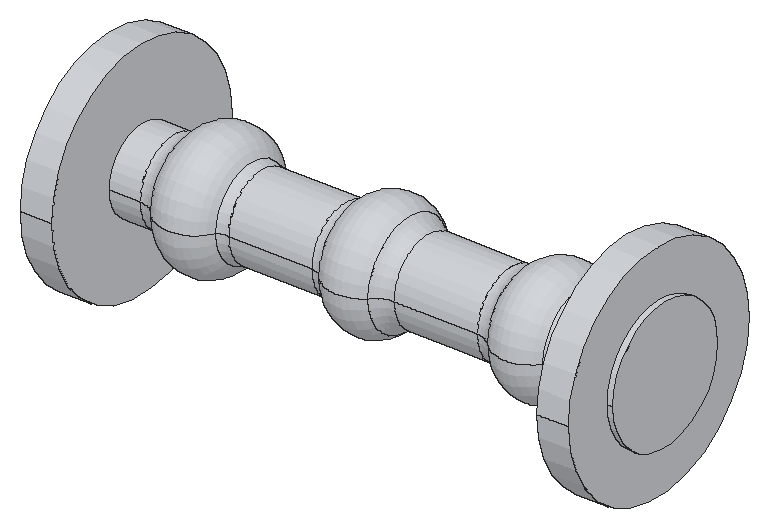
Revit family "ピュアジョイント 20A +25A", category Pipe Accessories, Revit 2024
Family settings
  Round Connector Dimension = Use Radius
  Part Type = Inline Sensor
  Work Plane-Based = No
  Always vertical = No
  Cut with Voids When Loaded = No
  Shared = No
Parameters
  DN/2 [instance] = DN / 2  # 10 mm
  DN [instance] = 20 mm
  Thickness [instance] = size_lookup("ピュアジョイント 20A +25A", "Thickness", 14 mm, DN)  # 14 mm
  L3 [instance] = size_lookup("ピュアジョイント 20A +25A", "L3", 14 mm, DN)  # 14 mm
  L1 [instance] = size_lookup("ピュアジョイント 20A +25A", "L1", 37 mm, DN)  # 37 mm
  L [instance] = size_lookup("ピュアジョイント 20A +25A", "L", 250 mm, DN)  # 250 mm
  Default Elevation = 0 mm
  DN5/2 [instance] = size_lookup("ピュアジョイント 20A +25A", "DN5/2", 31.1 mm, DN)  # 31.1 mm
  DN4/2 [instance] = size_lookup("ピュアジョイント 20A +25A", "DN4/2", 20.4 mm, DN)  # 20.4 mm
  DN3 [instance] = size_lookup("ピュアジョイント 20A +25A", "DN3", 37 mm, DN)  # 37 mm
  DN2 [instance] = size_lookup("ピュアジョイント 20A +25A", "DN2", 100 mm, DN)  # 100 mm
  DN1 [instance] = size_lookup("ピュアジョイント 20A +25A", "DN1", 58 mm, DN)  # 58 mm
Reference planes
  plane 1 "Center (Front/Back)": y = 0
  plane 2: z = 0
  plane 3 "Center (Left/Right)": x = -21.428
Forms (mm)
  Extrusion 1, solid
    sketch origin (-21.428, 0, 0) x (0, 1, 0) y (0, 0, 1)
      loop
        circle (0, 0) r 50
    from 108 to 122
  Extrusion 2, solid
    sketch origin (-21.428, 0, 0) x (0, 1, 0) y (0, 0, 1)
      loop
        circle (0, 0) r 50
    from -122 to -108
  Extrusion 3, solid
    sketch origin (-21.428, 0, 0) x (0, 1, 0) y (0, 0, 1)
      loop
        circle (0, 0) r 29
    from 122 to 125
  Extrusion 4, solid
    sketch origin (-21.428, 0, 0) x (0, 1, 0) y (0, 0, 1)
      loop
        circle (0, 0) r 29
    from -125 to -122
  Revolve 5, solid
    sketch origin (0, 0, 0) x (1, 0, 0) y (0, 1, 0)
      loop
        line (-115.448, 18.5) -> (-129.428, 18.5) -> (-129.428, 0) -> (86.613, 0) -> (86.613, 18.5) -> (72.634, 18.5)
        arc (72.634, 18.5) -> (68.956, 19.186) -> (65.774, 21.152) r 10.2
        arc (65.774, 21.152) -> (53.613, 27.01) -> (41.453, 21.152) r 15.55
        arc (41.453, 21.152) -> (38.27, 19.186) -> (34.593, 18.5) r 10.2
        line (34.593, 18.5) -> (-2.407, 18.5)
        arc (-2.407, 18.5) -> (-6.987, 19.586) -> (-10.591, 22.612) r 10.2
        arc (-10.591, 22.612) -> (-23.481, 26.874) -> (-34.806, 19.387) r 15.55
        arc (-34.806, 19.387) -> (-36.839, 18.724) -> (-38.966, 18.5) r 10.2
        line (-38.966, 18.5) -> (-75.966, 18.5)
        arc (-75.966, 18.5) -> (-78.502, 18.82) -> (-80.879, 19.761) r 10.2
        arc (-80.879, 19.761) -> (-93.86, 28.729) -> (-108, 21.731) r 15.55
        arc (-108, 21.731) -> (-111.389, 19.343) -> (-115.448, 18.5) r 10.2
      axis (-129.428, 0) -> (86.613, 0)
    angle from 0 to 360
Dimensions and locks
  "L": Extrusion 4 to Extrusion 3
  equal spacing: Extrusion 4, plane 3 "Center (Left/Right)", Extrusion 3
  locked: Extrusion 4 to Extrusion 2 at 3
  locked: Extrusion 1 to Extrusion 3 at 3
  "Thickness": Extrusion 2 to Extrusion 2
  "Thickness": Extrusion 1 to Extrusion 1
  Revolve 5 sketch curve to Revolve 5 sketch curve = 18.5 mm  (x4)
  Revolve 5 sketch curve to Revolve 5 sketch curve = 13.979 mm  (x2)
  "L1": Revolve 5 sketch curve to Revolve 5 sketch curve  (x2)
  "DN1": diameter of Extrusion 4 sketch curve
  "DN2": diameter of Extrusion 2 sketch curve
  "DN4/2": diameter of Revolve 5 sketch curve  (x6)
  "DN5/2": diameter of Revolve 5 sketch curve  (x3)
  aligned and locked: level to plane 2
  aligned and locked: Extrusion 4 to Extrusion 2
  aligned and locked: Extrusion 2 to Extrusion 4
  aligned and locked: Extrusion 3 to Extrusion 1
  aligned and locked: Extrusion 1 to Extrusion 3
Automatic sketch dimensions
  Extrusion 1 sketch curve to level = 0 mm
  Extrusion 1 sketch curve to plane 1 "Center (Front/Back)" = 0 mm
  Extrusion 3 sketch curve to level = 0 mm
  Extrusion 3 sketch curve to plane 1 "Center (Front/Back)" = 0 mm
  Extrusion 2 sketch curve to level = 0 mm
  Extrusion 2 sketch curve to plane 1 "Center (Front/Back)" = 0 mm
  Extrusion 4 sketch curve to level = 0 mm
  Extrusion 4 sketch curve to plane 1 "Center (Front/Back)" = 0 mm
  plane 1 "Center (Front/Back)" to Revolve 5 sketch curve = 0 mm  (x2)
  Revolve 5 sketch curve to plane 3 "Center (Left/Right)" = 108 mm
  Revolve 5 sketch curve to plane 1 "Center (Front/Back)" = 13.22 mm
  Revolve 5 sketch curve to Revolve 5 sketch curve = 20.462 mm
  Revolve 5 sketch curve to Revolve 5 sketch curve = 19.021 mm  (x3)
  Revolve 5 sketch curve to plane 3 "Center (Left/Right)" = 0 mm
  plane 3 "Center (Left/Right)" to Revolve 5 sketch curve = 19.02 mm
  Revolve 5 sketch curve to plane 1 "Center (Front/Back)" = 11.46 mm  (x2)
  Revolve 5 sketch curve to Revolve 5 sketch curve = 0 mm  (x2)
  radius of Extrusion 1 sketch curve = 50 mm
  radius of Extrusion 3 sketch curve = 29 mm
Connectors
  piping at (-146.428, 0, 0), diameter 20, driven by "DN/2"
    settings: on Extrusion 4, index 1, connector inside diameter 609.6 mm, connector length 0 mm, flow factor 0, pipe flow 0.0 L/s, pressure drop 0.0 Pa, fitting loss kfactor 0, connector angle 0.00°, fixture units 0, engagement length 0 mm, angle of deflection 0.00°, flow configuration 0, flow direction 0, fitting loss method 0, system type 7, joint type 0, gender type 0, connector reference index -1, connector utility 0, adjustable connector no, is connector primary yes, connector description ""
  piping at (103.572, 0, 0), diameter 20, driven by "DN/2"
    settings: on Extrusion 3, index 2, connector inside diameter 609.6 mm, connector length 0 mm, flow factor 0, pipe flow 0.0 L/s, pressure drop 0.0 Pa, fitting loss kfactor 0, connector angle 0.00°, fixture units 0, engagement length 0 mm, angle of deflection 0.00°, flow configuration 0, flow direction 0, fitting loss method 0, system type 7, joint type 0, gender type 0, connector reference index -1, connector utility 0, adjustable connector no, is connector primary no, connector description ""
